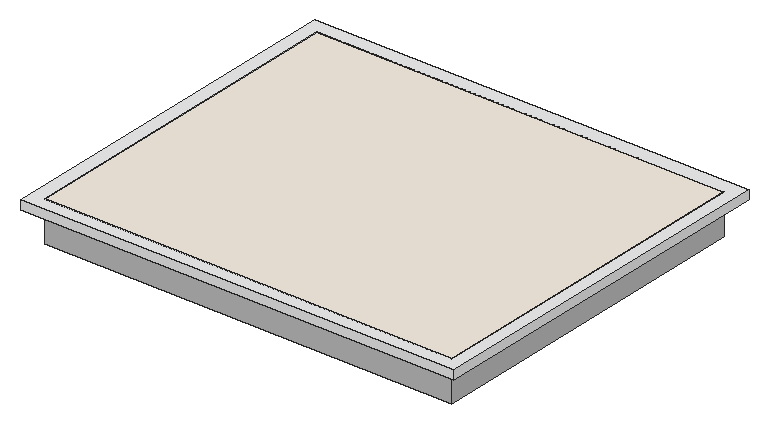
Revit family "Lighting-Industriale-GEWISS-ELIA-HL-LED_RIFLETTORE", category Apparecchi per illuminazione, host Superficie, Revit 2019 (continued)
Types (12, lengths in mm): name | Tensione | Scheda Tecnica | Potenza di sistema | Peso (kg): | Peso (kg) | Ottica | built-in parameter 1150142 | Lumen output (lm) | Modello | IDT | File diagramma fotometrico | Description
  GWF1000MM840 - ELIA HL M2 120° 4000K S.ALONE ON/OFF | "100-240 V " | "https://www.gewiss.com/it/it/search?q=GWF1000MM840" | "120W" | "3,9" | "3,9" | "120°" | "IESNA:LM-63-1995\r\n[TEST] HB25-120-4080-120D-H00115\r\n[DATE] 27 Nov 2019\r\n[MANUFAC] GEWISS\r\n[LUMCAT] GWF1000MM840\r\n[LUMINAIRE] ELIA HL - M2 120° LED840 120W\r\n[FLASHAREA] 0.013851\r\n[LAMPCAT] LED 120W/17000lm\r\n[LAMP] LED 120W/17000lm\r\nTILT=NONE\r\n1 17000.00 1.0 181 37 1 2 -0.270 0.000 0.000\r\n1.00 1.00 120.00\r\n0.00 0.50 1.00 1.50 2.00 2.50 3.00 3.50 4.00 4.50 5.00 \r\n5.50 6.00 6.50 7.00 7.50 8.00 8.50 9.00 9.50 10.00 10.50 \r\n11.00 11.50 12.00 12.50 13.00 13.50 14.00 14.50 15.00 \r\n15.50 16.00 16.50 17.00 17.50 18.00 18.50 19.00 19.50 \r\n20.00 20.50 21.00 21.50 22.00 22.50 23.00 23.50 24.00 \r\n24.50 25.00 25.50 26.00 26.50 27.00 27.50 28.00 28.50 \r\n29.00 29.50 30.00 30.50 31.00 31.50 32.00 32.50 33.00 \r\n33.50 34.00 34.50 35.00 35.50 36.00 36.50 37.00 37.50 \r\n38.00 38.50 39.00 39.50 40.00 40.50 41.00 41.50 42.00 \r\n42.50 43.00 43.50 44.00 44.50 45.00 45.50 46.00 46.50 \r\n47.00 47.50 48.00 48.50 49.00 49.50 50.00 50.50 51.00 \r\n51.50 52.00 52.50 53.00 53.50 54.00 54.50 55.00 55.50 \r\n56.00 56.50 57.00 57.50 58.00 58.50 59.00 59.50 60.00 \r\n60.50 61.00 61.50 62.00 62.50 63.00 63.50 64.00 64.50 \r\n65.00 65.50 66.00 66.50 67.00 67.50 68.00 68.50 69.00 \r\n69.50 70.00 70.50 71.00 71.50 72.00 72.50 73.00 73.50 \r\n74.00 74.50 75.00 75.50 76.00 76.50 77.00 77.50 78.00 \r\n78.50 79.00 79.50 80.00 80.50 81.00 81.50 82.00 82.50 \r\n83.00 83.50 84.00 84.50 85.00 85.50 86.00 86.50 87.00 \r\n87.50 88.00 88.50 89.00 89.50 90.00 \r\n0.00 2.50 5.00 7.50 10.00 12.50 15.00 17.50 20.00 22.50 \r\n25.00 27.50 30.00 32.50 35.00 37.50 40.00 42.50 45.00 \r\n47.50 50.00 52.50 55.00 57.50 60.00 62.50 65.00 67.50 \r\n70.00 72.50 75.00 77.50 80.00 82.50 85.00 87.50 90.00 \r\n4943.60 4943.60 4945.30 4945.30 4947.00 4947.00 4948.70 \r\n4950.40 4953.80 4955.50 4957.20 4960.60 4964.00 4965.70 \r\n4969.10 4972.50 4977.60 4981.00 4984.40 4989.50 4992.90 \r\n4998.00 5001.40 5006.50 5009.90 5015.00 5020.10 5023.50 \r\n5026.90 5032.00 5035.40 5040.50 5045.60 5050.70 5055.80 \r\n5062.60 5067.70 5074.50 5079.60 5086.40 5093.20 5098.30 \r\n5105.10 5111.90 5118.70 5125.50 5132.30 5139.10 5145.90 \r\n5152.70 5159.50 5166.30 5173.10 5178.20 5185.00 5191.80 \r\n5196.90 5202.00 5207.10 5212.20 5215.60 5219.00 5222.40 \r\n5225.80 5227.50 5229.20 5230.90 5230.90 5230.90 5230.90 \r\n5229.20 5225.80 5222.40 5217.30 5212.20 5205.40 5198.60 \r\n5188.40 5178.20 5168.00 5154.40 5140.80 5125.50 5110.20 \r\n5093.20 5074.50 5055.80 5035.40 5013.30 4991.20 4965.70 \r\n4940.20 4909.60 4875.60 4838.20 4795.70 4746.40 4692.00 \r\n4632.50 4566.20 4496.50 4426.80 4357.10 4287.40 4214.30 \r\n4134.40 4046.00 3945.70 3840.30 3729.80 3617.60 3503.70 \r\n3389.80 3279.30 3170.50 3065.10 2961.40 2857.70 2755.70 \r\n2657.10 2560.20 2463.30 2368.10 2276.30 2186.20 2096.10 \r\n2009.40 1926.10 1844.50 1764.60 1687.25 1610.75 1536.46 \r\n1465.74 1397.06 1327.87 1260.72 1198.16 1137.98 1078.31 \r\n1019.49 960.67 903.21 847.79 795.09 746.64 700.91 656.37 \r\n613.70 573.92 536.01 499.80 465.29 432.31 400.69 371.11 \r\n342.55 313.99 286.62 261.12 236.81 213.18 191.08 171.36 \r\n153.24 135.44 118.61 103.11 88.64 75.09 62.44 50.54 39.83 \r\n30.82 23.14 16.52 11.28 7.75 5.65 4.80 5.24 \r\n4943.60 4943.60 4945.30 4945.30 4947.00 4947.00 4948.70 \r\n4950.40 4953.80 4955.50 4957.20 4960.60 4964.00 4965.70 \r\n4969.10 4972.50 4975.90 4981.00 4984.40 4988.65 4992.90 \r\n4998.00 5002.25 5006.50 5010.75 5015.00 5019.25 5023.50 \r\n5027.75 5032.00 5036.25 5040.50 5045.60 5050.70 5055.80 \r\n5062.60 5067.70 5074.50 5079.60 5086.40 5093.20 5100.00 \r\n5106.80 5112.75 5118.70 5125.50 5132.30 5139.10 5145.90 \r\n5152.70 5159.50 5166.30 5173.10 5179.05 5185.85 5191.80 \r\n5197.75 5202.85 5207.95 5213.05 5216.45 5220.70 5224.10 \r\n5226.65 5229.20 5230.90 5231.75 5232.60 5231.75 5231.75 \r\n5230.05 5227.50 5224.10 5219.00 5213.05 5207.10 5199.45 \r\n5190.10 5179.90 5168.85 5156.95 5143.35 5128.90 5111.90 \r\n5094.90 5077.90 5059.20 5038.80 5016.70 4992.90 4969.10 \r\n4941.90 4912.15 4878.15 4840.75 4797.40 4749.80 4696.25 \r\n4636.75 4570.45 4501.60 4431.90 4360.50 4290.80 4216.85 \r\n4136.95 4049.40 3949.95 3842.85 3732.35 3620.15 3506.25 \r\n3392.35 3281.85 3173.90 3067.65 2963.95 2860.25 2759.10 \r\n2659.65 2562.75 2466.70 2372.35 2278.85 2187.90 2099.50 \r\n2012.80 1928.65 1845.35 1765.45 1688.27 1611.94 1537.73 \r\n1467.19 1398.34 1329.23 1262.08 1199.27 1138.49 1078.65 \r\n1019.41 960.59 902.96 847.45 794.66 745.96 699.89 655.43 \r\n613.02 573.33 535.75 499.63 465.12 432.31 400.94 371.19 \r\n342.55 314.08 286.70 261.04 236.73 213.01 190.91 171.19 \r\n152.91 135.25 118.57 103.03 88.52 75.00 62.40 50.53 39.86 \r\n30.86 23.19 16.57 11.33 7.83 5.75 4.87 5.26 \r\n4943.60 4943.60 4944.45 4945.30 4947.00 4947.00 4948.70 \r\n4950.40 4952.95 4955.50 4957.20 4960.60 4963.15 4965.70 \r\n4969.10 4972.50 4975.90 4981.00 4984.40 4988.65 4992.90 \r\n4997.15 5002.25 5006.50 5010.75 5015.85 5019.25 5024.35 \r\n5027.75 5032.85 5036.25 5041.35 5046.45 5050.70 5056.65 \r\n5062.60 5069.40 5074.50 5081.30 5086.40 5093.20 5100.00 \r\n5106.80 5113.60 5120.40 5127.20 5134.00 5140.80 5146.75 \r\n5153.55 5160.35 5167.15 5173.95 5179.90 5185.85 5192.65 \r\n5197.75 5203.70 5208.80 5213.90 5217.30 5222.40 5224.95 \r\n5227.50 5230.05 5231.75 5233.45 5233.45 5233.45 5232.60 \r\n5230.90 5228.35 5224.95 5220.70 5214.75 5208.80 5201.15 \r\n5191.80 5182.45 5170.55 5158.65 5145.05 5130.60 5114.45 \r\n5097.45 5079.60 5060.90 5040.50 5018.40 4996.30 4970.80 \r\n4944.45 4913.85 4879.85 4841.60 4799.10 4752.35 4699.65 \r\n4641.00 4574.70 4505.85 4435.30 4363.90 4294.20 4219.40 \r\n4139.50 4051.10 3952.50 3845.40 3734.90 3621.85 3507.95 \r\n3394.90 3284.40 3175.60 3069.35 2965.65 2861.95 2761.65 \r\n2662.20 2566.15 2469.25 2374.90 2281.40 2190.45 2102.05 \r\n2015.35 1930.35 1847.05 1766.30 1688.78 1612.45 1538.59 \r\n1468.04 1399.19 1330.08 1262.76 1199.61 1138.57 1078.39 \r\n1019.07 959.99 902.36 846.77 793.90 744.86 698.62 654.16 \r\n612.00 572.56 535.25 499.20 464.87 432.14 400.86 371.11 \r\n342.38 313.90 286.54 260.78 236.47 212.75 190.57 170.85 \r\n152.50 134.96 118.41 102.86 88.31 74.83 62.29 50.48 39.84 \r\n30.86 23.20 16.59 11.37 7.90 5.84 4.94 5.28 \r\n4943.60 4943.60 4943.60 4945.30 4946.15 4947.00 4948.70 \r\n4950.40 4952.95 4954.65 4957.20 4959.75 4963.15 4965.70 \r\n4969.10 4972.50 4975.90 4980.15 4984.40 4988.65 4992.90 \r\n4997.15 5002.25 5006.50 5010.75 5015.00 5020.10 5023.50 \r\n5028.60 5032.85 5037.10 5041.35 5046.45 5051.55 5057.50 \r\n5062.60 5069.40 5074.50 5081.30 5088.10 5094.05 5100.85 \r\n5106.80 5113.60 5120.40 5127.20 5134.00 5140.80 5147.60 \r\n5153.55 5160.35 5167.15 5173.95 5179.90 5186.70 5193.50 \r\n5198.60 5204.55 5209.65 5214.75 5219.00 5223.25 5226.65 \r\n5229.20 5231.75 5233.45 5234.30 5235.15 5235.15 5234.30 \r\n5232.60 5230.05 5226.65 5222.40 5216.45 5210.50 5202.00 \r\n5193.50 5183.30 5172.25 5160.35 5146.75 5132.30 5116.15 \r\n5099.15 5082.15 5063.45 5042.20 5020.10 4998.00 4972.50 \r\n4946.15 4916.40 4881.55 4843.30 4801.65 4754.90 4702.20 \r\n4643.55 4578.10 4509.25 4438.70 4367.30 4295.90 4221.10 \r\n4141.20 4053.65 3953.35 3847.10 3736.60 3622.70 3509.65 \r\n3395.75 3285.25 3176.45 3070.20 2966.50 2864.50 2764.20 \r\n2664.75 2567.85 2471.80 2376.60 2283.95 2191.30 2102.90 \r\n2016.20 1931.20 1847.90 1767.15 1688.78 1612.62 1538.93 \r\n1468.38 1399.53 1330.34 1263.10 1199.61 1138.23 1077.72 \r\n1018.22 959.05 901.42 845.84 792.88 743.66 697.09 652.80 \r\n610.89 571.63 534.48 498.61 464.27 431.63 400.61 370.77 \r\n341.95 313.56 286.19 260.52 236.13 212.41 190.23 170.39 \r\n152.03 134.59 118.16 102.59 88.03 74.59 62.13 50.38 39.78 \r\n30.83 23.19 16.60 11.41 7.96 5.92 4.99 5.29 \r\n4943.60 4943.60 4943.60 4945.30 4946.15 4947.00 4948.70 \r\n4950.40 4952.95 4954.65 4957.20 4959.75 4963.15 4965.70 \r\n4969.10 4972.50 4975.90 4980.15 4984.40 4988.65 4993.75 \r\n4997.15 5002.25 5006.50 5011.60 5015.00 5020.10 5023.50 \r\n5028.60 5033.70 5037.10 5042.20 5046.45 5051.55 5057.50 \r\n5063.45 5069.40 5076.20 5081.30 5088.10 5094.05 5100.85 \r\n5107.65 5114.45 5121.25 5128.05 5134.00 5140.80 5147.60 \r\n5154.40 5161.20 5168.00 5174.80 5181.60 5187.55 5194.35 \r\n5199.45 5206.25 5211.35 5215.60 5219.85 5224.10 5227.50 \r\n5230.90 5232.60 5234.30 5236.00 5236.00 5236.00 5236.00 \r\n5234.30 5231.75 5228.35 5224.10 5218.15 5211.35 5203.70 \r\n5194.35 5184.15 5173.95 5161.20 5148.45 5134.00 5118.70 \r\n5101.70 5083.85 5065.15 5044.75 5022.65 4999.70 4975.05 \r\n4947.85 4917.25 4883.25 4845.00 4803.35 4756.60 4704.75 \r\n4646.10 4581.50 4512.65 4441.25 4369.85 4296.75 4221.95 \r\n4141.20 4053.65 3955.05 3848.80 3737.45 3623.55 3509.65 \r\n3396.60 3285.25 3177.30 3071.05 2967.35 2865.35 2765.90 \r\n2666.45 2569.55 2472.65 2378.30 2283.95 2193.00 2103.75 \r\n2017.05 1932.05 1848.75 1767.15 1688.53 1612.37 1538.93 \r\n1468.29 1399.36 1330.25 1262.76 1199.18 1137.56 1076.69 \r\n1017.11 957.95 900.32 844.73 791.69 742.22 695.55 651.36 \r\n609.53 570.52 533.55 497.76 463.59 431.12 400.10 370.35 \r\n341.44 313.06 285.69 260.10 235.71 211.99 189.72 169.86 \r\n151.52 134.16 117.81 102.26 87.70 74.32 61.91 50.23 39.71 \r\n30.77 23.15 16.60 11.44 8.03 5.99 5.05 5.29 \r\n4943.60 4943.60 4943.60 4945.30 4946.15 4947.00 4948.70 \r\n4951.25 4952.95 4954.65 4957.20 4959.75 4963.15 4965.70 \r\n4969.10 4972.50 4975.90 4979.30 4984.40 4988.65 4993.75 \r\n4997.15 5002.25 5006.50 5011.60 5015.85 5020.10 5024.35 \r\n5028.60 5033.70 5037.95 5042.20 5047.30 5053.25 5058.35 \r\n5064.30 5070.25 5076.20 5083.00 5088.95 5095.75 5101.70 \r\n5107.65 5114.45 5121.25 5128.05 5134.85 5141.65 5148.45 \r\n5155.25 5162.05 5168.00 5175.65 5182.45 5188.40 5194.35 \r\n5201.15 5206.25 5212.20 5217.30 5220.70 5225.80 5229.20 \r\n5231.75 5234.30 5236.85 5236.85 5238.55 5238.55 5236.85 \r\n5235.15 5233.45 5230.05 5224.95 5219.85 5213.05 5205.40 \r\n5196.05 5186.70 5174.80 5162.90 5150.15 5135.70 5119.55 \r\n5102.55 5085.55 5066.85 5045.60 5023.50 5001.40 4976.75 \r\n4948.70 4918.95 4884.10 4845.85 4805.05 4758.30 4706.45 \r\n4647.80 4584.05 4515.20 4443.80 4370.70 4298.45 4222.80 \r\n4142.05 4053.65 3955.05 3848.80 3737.45 3623.55 3509.65 \r\n3396.60 3286.10 3177.30 3071.05 2967.35 2866.20 2767.60 \r\n2668.15 2569.55 2473.50 2380.00 2285.65 2193.00 2104.60 \r\n2018.75 1932.90 1848.75 1767.15 1688.02 1611.94 1538.59 \r\n1468.04 1398.93 1329.74 1262.25 1198.33 1136.45 1075.59 \r\n1015.75 956.59 898.96 843.46 790.33 740.69 693.94 649.83 \r\n608.17 569.33 532.52 496.83 462.74 430.44 399.50 369.58 \r\n340.68 312.46 285.17 259.59 235.20 211.48 189.21 169.33 \r\n150.99 133.69 117.41 101.88 87.34 74.00 61.66 50.06 39.62 \r\n30.69 23.08 16.58 11.48 8.09 6.06 5.10 5.29 \r\n4943.60 4943.60 4943.60 4945.30 4946.15 4947.00 4948.70 \r\n4951.25 4952.95 4954.65 4956.35 4959.75 4963.15 4965.70 \r\n4969.10 4972.50 4975.90 4979.30 4984.40 4988.65 4992.90 \r\n4997.15 5002.25 5006.50 5011.60 5015.85 5020.10 5024.35 \r\n5029.45 5033.70 5038.80 5043.05 5048.15 5053.25 5059.20 \r\n5064.30 5071.10 5077.05 5083.00 5089.80 5095.75 5102.55 \r\n5109.35 5116.15 5122.95 5128.90 5135.70 5142.50 5149.30 \r\n5155.25 5162.05 5169.70 5175.65 5182.45 5189.25 5196.05 \r\n5202.00 5207.10 5213.05 5218.15 5222.40 5226.65 5230.05 \r\n5233.45 5235.15 5237.70 5238.55 5240.25 5239.40 5238.55 \r\n5236.85 5234.30 5230.90 5226.65 5221.55 5214.75 5207.10 \r\n5197.75 5188.40 5176.50 5164.60 5151.85 5137.40 5121.25 \r\n5105.10 5087.25 5067.70 5047.30 5025.20 5002.25 4977.60 \r\n4951.25 4919.80 4884.95 4846.70 4805.90 4760.00 4708.15 \r\n4650.35 4585.75 4516.05 4445.50 4372.40 4298.45 4222.80 \r\n4142.05 4053.65 3955.05 3848.80 3737.45 3622.70 3509.65 \r\n3395.75 3285.25 3177.30 3071.05 2967.35 2867.05 2768.45 \r\n2669.00 2570.40 2475.20 2380.00 2285.65 2193.85 2105.45 \r\n2018.75 1932.90 1848.75 1767.15 1687.25 1611.35 1538.07 \r\n1467.44 1398.16 1328.97 1261.40 1197.31 1135.26 1074.23 \r\n1014.30 955.14 897.60 842.09 788.97 739.25 692.24 648.21 \r\n606.82 568.05 531.42 495.81 461.81 429.59 398.82 368.81 \r\n339.92 311.69 284.67 259.08 234.69 210.97 188.70 168.80 \r\n150.46 133.21 116.99 101.48 86.96 73.67 61.40 49.89 39.51 \r\n30.61 23.00 16.56 11.51 8.15 6.13 5.14 5.29 \r\n4943.60 4943.60 4943.60 4945.30 4946.15 4947.00 4948.70 \r\n4951.25 4952.95 4954.65 4956.35 4959.75 4963.15 4964.85 \r\n4968.25 4972.50 4975.90 4979.30 4984.40 4988.65 4992.90 \r\n4998.00 5002.25 5006.50 5011.60 5015.85 5020.95 5024.35 \r\n5029.45 5034.55 5038.80 5043.90 5048.15 5054.10 5059.20 \r\n5066.00 5071.10 5077.90 5083.85 5090.65 5096.60 5103.40 \r\n5109.35 5116.15 5122.95 5129.75 5136.55 5142.50 5149.30 \r\n5156.95 5162.90 5169.70 5177.35 5184.15 5190.10 5196.90 \r\n5202.00 5208.80 5213.90 5219.00 5224.10 5228.35 5231.75 \r\n5235.15 5237.70 5239.40 5241.10 5241.10 5241.10 5240.25 \r\n5238.55 5236.00 5232.60 5228.35 5222.40 5215.60 5208.80 \r\n5198.60 5189.25 5177.35 5166.30 5152.70 5139.10 5123.80 \r\n5106.80 5088.95 5070.25 5049.00 5026.90 5003.95 4978.45 \r\n4952.10 4920.65 4885.80 4847.55 4805.90 4760.85 4709.00 \r\n4651.20 4587.45 4518.60 4447.20 4373.25 4299.30 4222.80 \r\n4141.20 4052.80 3954.20 3847.95 3736.60 3621.85 3508.80 \r\n3394.90 3285.25 3176.45 3070.20 2967.35 2867.05 2768.45 \r\n2669.00 2570.40 2475.20 2380.85 2286.50 2193.85 2105.45 \r\n2018.75 1932.90 1848.75 1766.30 1686.48 1610.58 1537.48 \r\n1466.59 1397.14 1327.95 1260.38 1196.20 1133.98 1072.87 \r\n1012.86 953.70 896.24 840.74 787.70 737.80 690.71 646.68 \r\n605.37 566.87 530.23 494.79 460.79 428.74 398.06 368.05 \r\n339.06 310.93 284.07 258.57 234.09 210.46 188.19 168.27 \r\n149.96 132.73 116.54 101.07 86.60 73.36 61.13 49.71 39.41 \r\n30.51 22.92 16.53 11.54 8.21 6.19 5.18 5.29 \r\n4943.60 4943.60 4943.60 4945.30 4946.15 4947.00 4948.70 \r\n4951.25 4952.95 4954.65 4956.35 4959.75 4962.30 4964.85 \r\n4968.25 4971.65 4975.90 4979.30 4984.40 4988.65 4992.90 \r\n4998.00 5003.10 5007.35 5012.45 5015.85 5020.95 5025.20 \r\n5029.45 5034.55 5039.65 5043.90 5049.00 5054.95 5060.90 \r\n5066.00 5071.95 5078.75 5085.55 5091.50 5097.45 5103.40 \r\n5110.20 5117.00 5123.80 5130.60 5137.40 5144.20 5151.00 \r\n5156.95 5163.75 5170.55 5177.35 5184.15 5190.95 5196.90 \r\n5203.70 5209.65 5215.60 5220.70 5224.95 5230.05 5233.45 \r\n5236.00 5238.55 5241.10 5242.80 5242.80 5242.80 5241.95 \r\n5240.25 5237.70 5234.30 5229.20 5224.10 5217.30 5209.65 \r\n5200.30 5190.95 5179.05 5168.00 5154.40 5140.80 5124.65 \r\n5107.65 5089.80 5070.25 5049.00 5027.75 5003.95 4980.15 \r\n4952.10 4921.50 4886.65 4847.55 4806.75 4761.70 4709.85 \r\n4652.05 4588.30 4520.30 4448.05 4374.10 4299.30 4221.95 \r\n4140.35 4051.95 3953.35 3847.10 3735.75 3621.00 3507.10 \r\n3394.05 3284.40 3174.75 3069.35 2965.65 2866.20 2769.30 \r\n2669.85 2570.40 2474.35 2380.85 2286.50 2193.85 2105.45 \r\n2019.60 1932.90 1848.75 1766.30 1685.72 1609.81 1536.80 \r\n1465.74 1396.13 1326.85 1259.28 1195.10 1132.71 1071.42 \r\n1011.41 952.34 894.88 839.46 786.42 736.36 689.26 645.24 \r\n604.09 565.67 529.13 493.77 459.85 427.89 397.20 367.29 \r\n338.21 310.33 283.48 257.98 233.58 209.95 187.68 167.80 \r\n149.49 132.27 116.10 100.68 86.25 73.04 60.87 49.53 39.30 \r\n30.41 22.82 16.50 11.58 8.27 6.25 5.22 5.28 \r\n4943.60 4943.60 4943.60 4945.30 4946.15 4947.00 4948.70 \r\n4950.40 4952.10 4954.65 4956.35 4959.75 4962.30 4964.85 \r\n4968.25 4971.65 4975.90 4979.30 4984.40 4988.65 4992.90 \r\n4998.00 5003.10 5007.35 5012.45 5015.85 5020.95 5026.05 \r\n5030.30 5034.55 5039.65 5045.60 5049.85 5054.95 5060.90 \r\n5066.85 5073.65 5078.75 5085.55 5092.35 5098.30 5105.10 \r\n5111.05 5117.00 5124.65 5131.45 5138.25 5144.20 5151.00 \r\n5157.80 5164.60 5171.40 5179.05 5185.00 5191.80 5198.60 \r\n5205.40 5210.50 5216.45 5221.55 5226.65 5230.90 5235.15 \r\n5237.70 5240.25 5242.80 5243.65 5244.50 5244.50 5242.80 \r\n5241.10 5239.40 5236.00 5230.90 5225.80 5219.00 5210.50 \r\n5202.00 5191.80 5180.75 5168.00 5156.10 5141.65 5125.50 \r\n5109.35 5090.65 5071.95 5050.70 5027.75 5005.65 4981.00 \r\n4952.95 4921.50 4886.65 4848.40 4807.60 4762.55 4710.70 \r\n4653.75 4590.00 4520.30 4448.05 4374.10 4299.30 4221.95 \r\n4139.50 4050.25 3950.80 3845.40 3734.05 3620.15 3506.25 \r\n3393.20 3282.70 3174.75 3068.50 2964.80 2866.20 2769.30 \r\n2669.85 2570.40 2475.20 2380.85 2286.50 2194.70 2106.30 \r\n2019.60 1932.90 1848.75 176
